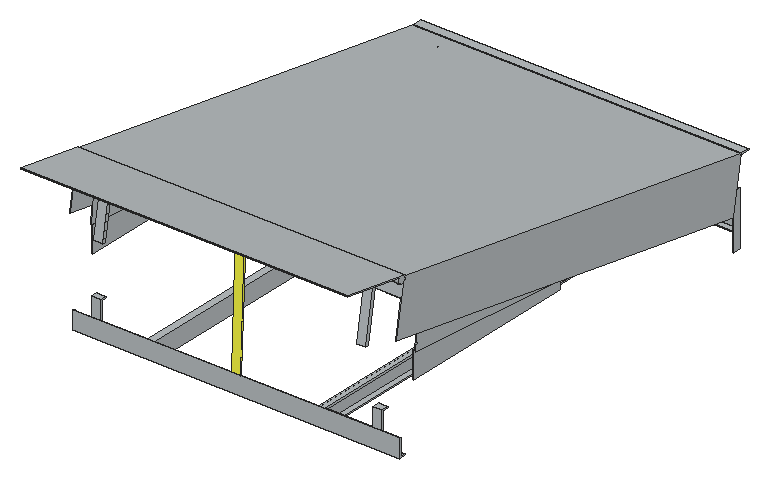
Revit family "DockEquipment_Leveler_Pentalift_MD-MU-MC", category Specialty Equipment, host Face, Revit 2026
Family settings
  Host = Face
  Round Connector Dimension = Use Diameter
  Part Type = Normal
  Enable Cutting in Views = No
  Cut with Voids When Loaded = No
  Maintain Annotation Orientation = No
  Shared = No
  Room Calculation Point = No
Parameters
  XDim [instance] = if(Incline Angle = 0.00°, 0' 0", PF Length - (InclHeight / tan(Incline Angle)))  # 0' - 1.42617"
  Warranty Duration (Years) = 0
  Unit Width = 6' - 0"
  Unit Length = 8' - 0"
  Unit Depth = 1' - 7"
  URL = "http://www.pentalift.com/index.php"
  Test Data = ""
  TapeAngle [instance] = atan(XDim / (Unit Depth - 0' 4" + InclHeight))  # 2.60875°
  Specification = ""
  SpecWizard = ""
  Send Message = "http://www.arcat.com/users.pl?action=UserEmail&company=Pentalift Equipment Corp.&coid=34752&rep=119&fax=519-763-2894&mf="
  Sales Information = "http://www.pentalift.com/about-us.htm"
  Revision = "R1_1_2012"
  Product Properties = ""
  Product Data = "http://www.arcat.com/arcatcos/cos34/arc34752.html"
  TapeLength [instance] = if(TapeAngle = 0.00°, Unit Depth - 0' 6", (XDim / sin(TapeAngle)) - 0' 3")  # 2' - 4.3337"
  PF Length = Unit Length - 0' 2 1/8"  # 7' - 9 7/8"
  Model = "As Specified"
  Max Angle = 10.00°
  Material = Metal - Steel - Pentalift - Painted - Gray
  Manufacturer Website = "http://www.pentalift.com/index.php"
  Manufacturer Phone - Toll Free = ""
  Manufacturer Phone = "519-763-3625"
  Manufacturer Fax = "519-763-2894"
  Manufacturer Address = "21 Nicholas Beaver Rd. Guelph, ON, Canada N1H 6H9 "
  Manufacturer = "Pentalift Equipment Corp."
  Maintenance Schedule (Months) = 0
  Lip Length [instance] = 1' - 4"
  Lip Angle [instance] = 0.00°
  Keynote = "11160"
  Installation-Fabrication = ""
  Installation Phase = ""
  Incline Angle [instance] = 10.00°
  InclHeight [instance] = PF Length * sin(Incline Angle)  # 1' - 4.30122"
  Green Building-LEED = ""
  Expected Lifespan (Years) = 0
  Drawn By = "Sumex Design, Inc. / Robert S. Weygant, CSI, CDT, SCIP"
  Description = "Pentalift Dock Equipment as Specified"
  Default Elevation = 4' - 0"
  Copyright = "©Arcat Inc."
  Construction Details = "http://www.arcat.com/details/pentalif/pentalif.html?coid=34752"
  Capacity (Weight) = 100.00 kip
  Building Codes = ""
  Assembly Code = "E1030300"
Reference planes (in)
  plane 1 "Center (Front/Back)": y = 0
  plane 2: z = 0
  plane 3 "Center (Left/Right)": x = 0
  plane 4: y = 45.875
  plane 5: y = -48
  plane 6: x = -36
  plane 7: x = 36
  plane 8: z = -19
  plane 9: x = -18
  plane 10: x = 18
  plane 11: y = -3
  plane 12: z = -17.5
  plane 13: z = -15
  plane 14: y = 48
Forms (in)
  Extrusion 1, void
    sketch origin (0, 0, 0) x (1, 0, 0) y (0, 1, 0)
      loop
        line (-36, -48) -> (36, -48) -> (36, 48) -> (-36, 48) -> (-36, -48)
    from 0 to -19
  Sweep 2, solid, material "Metal - Steel - Pentalift - Painted - Gray" <- "Material"
    path origin (-15.17702, -180, -19) x (-1, 0, 0) y (0, -1, 0)
      loop
        line (2.82298, -225.875) -> (2.82298, -132)
    profile origin (-18, -1.0625, -19) x (1, 0, 0) y (0, 0, 1)
      loop
        line (0, 0) -> (0, 4) -> (-1.5, 4) -> (-1.5, 3.75) -> (-0.25, 3.75) -> (-0.25, 0.25) -> (-1.5, 0.25) -> (-1.5, 0) -> (0, 0)
  Sweep 3, solid, material "Metal - Steel - Pentalift - Painted - Gray" <- "Material"
    path origin (-15.17702, -180, -19) x (-1, 0, 0) y (0, -1, 0)
      loop
        line (-33.17702, -225.875) -> (-33.17702, -132)
    profile origin (18, -1.0625, -19) x (1, 0, 0) y (0, 0, 1)
      loop
        line (0, 0) -> (1.5, 0) -> (1.5, 0.25) -> (0.25, 0.25) -> (0.25, 3.75) -> (1.5, 3.75) -> (1.5, 4) -> (0, 4) -> (0, 0)
  Sweep 4, solid, material "Metal - Steel - Pentalift - Painted - Gray" <- "Material"
    path origin (-15.17702, -180, -19) x (-1, 0, 0) y (0, -1, 0)
      loop
        line (20.82298, -132) -> (-51.17702, -132)
    profile origin (0, -48, -19) x (0, 1, 0) y (0, 0, 1)
      loop
        line (0, 0) -> (1.5, 0) -> (1.5, 0.25) -> (0.25, 0.25) -> (0.25, 4) -> (0, 4) -> (0, 0)
  Sweep 5, solid, material "Metal - Steel - Pentalift - Painted - Gray" <- "Material"
    path origin (-15.17702, -180, -19) x (-1, 0, 0) y (0, -1, 0)
      loop
        line (20.57298, -225.875) -> (-50.92702, -225.875)
    profile origin (0, 45.875, -19) x (0, 1, 0) y (0, 0, 1)
      loop
        line (0, 4) -> (0, 6) -> (-0.25, 6) -> (-0.25, 4.25) -> (-1.5, 4.25) -> (-1.5, 4) -> (0, 4)
  Sweep 6, solid, material "Metal - Steel - Pentalift - Painted - Gray" <- "Material"
    path origin (-15.17702, -180, -19) x (-1, 0, 0) y (0, -1, 0)
      loop
        line (2.82298, -180) -> (-33.17702, -180)
    profile origin (0, 0, -19) x (0, 1, 0) y (0, 0, 1)
      loop
        line (1.5, 3) -> (-1.5, 3) -> (-1.5, 0) -> (1.5, 0) -> (1.5, 3)
  Sweep 7, solid, material "Metal - Steel - Pentalift - Painted - Gray" <- "Material"
    path origin (-11.83813, 45.875, 48) x (-1, 0, 0) y (0, 0, 1)
      loop
        line (6.16187, -62.75) -> (6.16187, -48.75)
    profile origin (-18, 45.875, -7.75) x (1, 0, 0) y (0, 1, 0)
      loop
        line (-1.25, -0.25) -> (-1.25, -1.5) -> (-1, -1.5) -> (-1, -0.5) -> (1, -0.5) -> (1, -1.5) -> (1.25, -1.5) -> (1.25, -0.25) -> (-1.25, -0.25)
  Sweep 8, solid, material "Metal - Steel - Pentalift - Painted - Gray" <- "Material"
    path origin (24.16187, 45.875, 48) x (-1, 0, 0) y (0, 0, 1)
      loop
        line (6.16187, -62.75) -> (6.16187, -48.75)
    profile origin (18, 45.875, -7.75) x (1, 0, 0) y (0, 1, 0)
      loop
        line (-1.25, -0.25) -> (-1.25, -1.5) -> (-1, -1.5) -> (-1, -0.5) -> (1, -0.5) -> (1, -1.5) -> (1.25, -1.5) -> (1.25, -0.25) -> (-1.25, -0.25)
  Sweep 9, solid, material "Metal - Steel - Pentalift - Painted - Gray" <- "Material"
    path origin (6.16187, 45.875, 48) x (-1, 0, 0) y (0, 0, 1)
      loop
        line (6.16187, -62.75) -> (6.16187, -48.75)
    profile origin (0, 45.875, -7.75) x (1, 0, 0) y (0, 1, 0)
      loop
        line (-1.25, -0.25) -> (-1.25, -1.5) -> (-1, -1.5) -> (-1, -0.5) -> (1, -0.5) -> (1, -1.5) -> (1.25, -1.5) -> (1.25, -0.25) -> (-1.25, -0.25)
  Extrusion 10, solid, material "Metal - Steel - Pentalift - Painted - Gray" <- "Material"
    sketch origin (-15.17702, -180, -19) x (-1, 0, 0) y (0, -1, 0)
      loop
        line (20.57298, -225.875) -> (20.57298, -224.375) -> (20.32298, -224.375) -> (20.32298, -225.875) -> (20.57298, -225.875)
      loop
        line (-50.92702, -225.875) -> (-50.67702, -225.875) -> (-50.67702, -224.375) -> (-50.92702, -224.375) -> (-50.92702, -225.875)
    from 0 to 12
  Extrusion 11, solid, material "Metal - Steel - Pentalift - Painted - Gray" <- "Material"
    sketch origin (0, 0, 0) x (0, 1, 0) y (0, 0, 1)
      loop
        line (-1.5, -19) -> (-1.5, -16.5) -> (-2.12622, -16.5)
        arc (-2.12622, -16.5) -> (-2.60231, -16.56149) -> (-3.04714, -16.74193) r 1.87378
        line (-3.04714, -16.74193) -> (-19.91603, -1.01143) -> (-20.62357, -1.71897) -> (-3.75565, -17.44856)
        arc (-3.75565, -17.44856) -> (-3.93788, -17.89531) -> (-4, -18.37378) r 1.87378
        line (-4, -18.37378) -> (-4, -19) -> (-1.5, -19)
    from -2 to 2
  Extrusion 12, solid, material "Metal - Steel - Pentalift - Painted - Gray" <- "Material"
    sketch origin (0, 0, 0) x (1, 0, 0) y (0, 1, 0)
      loop
        line (-36, 48) -> (-36, 45.875) -> (36, 45.875) -> (36, 48) -> (-36, 48)
    from 0 to -0.25
  Extrusion 13, solid, material "Metal - Steel - Pentalift - Painted - Gray" <- "Material"
    sketch origin (-36, 19.13326, 48) x (0, 1, 0) y (0, 0, 1)
      loop
        line (-66.88326, -66.75) -> (-66.63326, -66.75) -> (-66.63326, -59.25) -> (-65.38326, -59.25) -> (-65.38326, -59) -> (-66.88326, -59) -> (-66.88326, -66.75)
    from 4 to 6
  Extrusion 14, solid, material "Metal - Steel - Pentalift - Painted - Gray" <- "Material"
    sketch origin (36, 19.13326, 48) x (0, 1, 0) y (0, 0, 1)
      loop
        line (-66.88326, -66.75) -> (-66.63326, -66.75) -> (-66.63326, -59.25) -> (-65.38326, -59.25) -> (-65.38326, -59) -> (-66.88326, -59) -> (-66.88326, -66.75)
    from -4 to -6
  Extrusion 15, solid, material "Metal - Steel - Pentalift - Painted - Gray" <- "Material"
    sketch origin (36, -46.57383, 16.30122) x (-1, 0, 0) y (0, -0.173648, -0.984808)
      loop
        line (66, 0.88155) -> (66, 15) -> (64, 15) -> (64, 0.88155) -> (66, 0.88155)
      loop
        line (6, 0.88155) -> (8, 0.88155) -> (8, 15) -> (6, 15) -> (6, 0.88155)
    from 0 to 0.5
  Extrusion 16, solid, material "Metal - Steel - Pentalift - Painted - Yellow"
    sketch origin (0, -48, -15) x (0, 0.045516, 0.998964) y (0, -0.998964, 0.045516)
      loop
        line (0, 0) -> (0, -0.125) -> (28.3337, -0.125) -> (28.3337, 0) -> (0, 0)
    from 1 to -1
Cuts and joins
  joined: Sweep 2, Sweep 3, Sweep 4, Sweep 5, Sweep 6, Sweep 7, Sweep 8, Sweep 9, Extrusion 10
Lines and regions (in)
  reference lines
    curve 1: line (0, 45.875, 0) -> (0, -28.97039, 13.19726)
    curve 2: line (0, -48, -15) -> (0, -46.36144, 20.96269)
Dimensions and locks (in)
  "Unit Depth": level to plane 8
  equal spacing: plane 14, plane 1 "Center (Front/Back)", plane 5
  equal spacing: plane 6, plane 3 "Center (Left/Right)", plane 7
  "Unit Width": plane 6 to plane 7
  equal spacing: plane 6, plane 9, plane 3 "Center (Left/Right)"
  locked: plane 1 "Center (Front/Back)" to plane 11 at 3
  locked: plane 12 to plane 8 at 1.5
  equal spacing: plane 3 "Center (Left/Right)", plane 10, plane 7
  locked: plane 13 to plane 12 at 2.5
  locked: plane 14 to plane 4 at 2.125
  "Unit Length": plane 14 to plane 5
  Extrusion 15 sketch curve to Extrusion 15 sketch curve to plane 6 = 0' - 2" locked, 0' - 6"
  Extrusion 15 sketch curve to Extrusion 15 sketch curve to plane 7 = 0' - 2" locked, 0' - 6" locked
  "TapeLength": Extrusion 16 sketch curve to curve 2
  "Incline Angle": angle level to curve 1
  "TapeAngle": angle plane 5 to curve 2
  aligned and locked: plane 2 to host face
  aligned and locked: level to host face
  aligned and locked: Extrusion 1 to plane 8
Automatic sketch dimensions
  host sketch curve to host sketch curve = 8' - 0"
  host sketch curve to host sketch curve = 9' - 11.43093"
  Sweep 2 sketch curve to plane 5 = 0' - 0"
  Sweep 2 sketch curve to plane 9 = 0' - 0"
  Sweep 2 sketch curve to plane 4 = 0' - 0"
  Sweep 3 sketch curve to plane 5 = 0' - 0"
  Sweep 3 sketch curve to plane 10 = 0' - 0"
  Sweep 3 sketch curve to plane 4 = 0' - 0"
  Sweep 4 sketch curve to plane 5 = 0' - 0"
  Sweep 4 sketch curve to plane 7 = 0' - 0"
  Sweep 4 sketch curve to plane 6 = 0' - 0"
  Sweep 5 sketch curve to plane 4 = 0' - 0"
  Sweep 5 sketch curve to plane 7 = 0' - 0 1/4"
  plane 6 to Sweep 5 sketch curve = 0' - 0 1/4"
  Sweep 6 sketch curve to plane 1 "Center (Front/Back)" = 0' - 0"
  Sweep 6 sketch curve to plane 10 = 0' - 0"
  Sweep 6 sketch curve to plane 9 = 0' - 0"
  Sweep 7 sketch curve to plane 9 = 0' - 0"
  plane 13 to Sweep 7 sketch curve = 0' - 0 1/4"
  Sweep 7 sketch curve to level = 0' - 0 3/4"
  profile plane to Sweep 7 sketch curve = 0' - 1 1/4"
  Sweep 7 sketch curve to Sweep 7 sketch curve = 0' - 0 1/4"  (x2)
  Sweep 7 sketch curve to plane 4 = 0' - 0 1/2"
  Sweep 7 sketch curve to profile plane = 0' - 1"
  Sweep 7 sketch curve to Sweep 7 sketch curve = 0' - 1"  (x2)
  Sweep 7 sketch curve to plane 4 = 0' - 0 1/4"
  Sweep 8 sketch curve to plane 10 = 0' - 0"
  plane 13 to Sweep 8 sketch curve = 0' - 0 1/4"
  Sweep 8 sketch curve to level = 0' - 0 3/4"
  profile plane to Sweep 8 sketch curve = 0' - 1 1/4"
  Sweep 8 sketch curve to Sweep 8 sketch curve = 0' - 0 1/4"  (x2)
  Sweep 8 sketch curve to plane 4 = 0' - 0 1/2"
  Sweep 8 sketch curve to profile plane = 0' - 1"
  Sweep 8 sketch curve to Sweep 8 sketch curve = 0' - 1"  (x2)
  Sweep 8 sketch curve to plane 4 = 0' - 0 1/4"
  Sweep 9 sketch curve to plane 3 "Center (Left/Right)" = 0' - 0"
  plane 13 to Sweep 9 sketch curve = 0' - 0 1/4"
  Sweep 9 sketch curve to level = 0' - 0 3/4"
  profile plane to Sweep 9 sketch curve = 0' - 1 1/4"
  Sweep 9 sketch curve to Sweep 9 sketch curve = 0' - 0 1/4"  (x2)
  Sweep 9 sketch curve to plane 4 = 0' - 0 1/2"
  Sweep 9 sketch curve to profile plane = 0' - 1"
  Sweep 9 sketch curve to Sweep 9 sketch curve = 0' - 1"  (x2)
  Sweep 9 sketch curve to plane 4 = 0' - 0 1/4"
  Extrusion 10 sketch curve to plane 4 = 0' - 0"  (x2)
  Extrusion 10 sketch curve to plane 7 = 0' - 0 1/4"
  Extrusion 10 sketch curve to Extrusion 10 sketch curve = 0' - 0 1/4"
  plane 6 to Extrusion 10 sketch curve = 0' - 0 1/2"
  plane 6 to Extrusion 10 sketch curve = 0' - 0 1/4"
  Extrusion 10 sketch curve to plane 4 = 0' - 1 1/2"  (x2)
  Extrusion 1 sketch curve to plane 5 = 0' - 0"
  Extrusion 1 sketch curve to plane 6 = 0' - 0"
  Extrusion 1 sketch curve to plane 7 = 0' - 0"
  Extrusion 1 sketch curve to plane 14 = 0' - 0"
  Extrusion 12 sketch curve to plane 4 = 0' - 0"
  Extrusion 12 sketch curve to plane 6 = 0' - 0"
  Extrusion 12 sketch curve to plane 7 = 0' - 0"
  Extrusion 12 sketch curve to plane 14 = 0' - 0"
  Sweep 2 sketch curve to plane 8 = 0' - 0"
  Sweep 2 sketch curve to profile plane = 0' - 0"
  profile plane to Sweep 2 sketch curve = 0' - 0 1/4"
  plane 8 to Sweep 2 sketch curve = 0' - 0 1/4"
  Sweep 2 sketch curve to Sweep 2 sketch curve = 0' - 1 1/4"  (x2)
  Sweep 2 sketch curve to Sweep 2 sketch curve = 0' - 3 1/2"
  Sweep 2 sketch curve to Sweep 2 sketch curve = 0' - 0 1/4"
  Sweep 3 sketch curve to profile plane = 0' - 0"
  Sweep 3 sketch curve to plane 8 = 0' - 0"
  Sweep 3 sketch curve to profile plane = 0' - 0 1/4"
  Sweep 3 sketch curve to Sweep 3 sketch curve = 0' - 1 1/4"  (x2)
  Sweep 3 sketch curve to Sweep 3 sketch curve = 0' - 0 1/4"  (x2)
  Sweep 3 sketch curve to Sweep 3 sketch curve = 0' - 3 1/2"
  Sweep 4 sketch curve to profile plane = 0' - 0"
  Sweep 4 sketch curve to plane 8 = 0' - 0"
  Sweep 4 sketch curve to Sweep 4 sketch curve = 0' - 0 1/4"
  Sweep 4 sketch curve to Sweep 4 sketch curve = 0' - 1 1/4"
  plane 8 to Sweep 4 sketch curve = 0' - 0 1/4"
  Sweep 4 sketch curve to Sweep 4 sketch curve = 0' - 3 3/4"
  Sweep 5 sketch curve to profile plane = 0' - 0"
  Sweep 5 sketch curve to Sweep 5 sketch curve = 0' - 0 1/4"  (x2)
  Sweep 5 sketch curve to Sweep 5 sketch curve = 0' - 1 1/4"
  plane 8 to Sweep 5 sketch curve = 0' - 4"
  Sweep 5 sketch curve to Sweep 5 sketch curve = 0' - 1 3/4"
  Sweep 6 sketch curve to plane 8 = 0' - 0"
  profile plane to Sweep 6 sketch curve = 0' - 1 1/2"
  Sweep 6 sketch curve to profile plane = 0' - 1 1/2"
  plane 8 to Sweep 6 sketch curve = 0' - 3"
  Extrusion 11 sketch curve to Extrusion 11 sketch curve = 0' - 0"  (x2)
  Extrusion 11 sketch curve to plane 8 = 0' - 0"
  Extrusion 11 sketch curve to level = 0' - 1.71897"
  plane 11 to Extrusion 11 sketch curve = 1' - 5.62357"
  Extrusion 11 sketch curve to level = 0' - 1.01143"
  Extrusion 11 sketch curve to Extrusion 11 sketch curve = 0' - 0.70754"
  plane 11 to Extrusion 11 sketch curve = 0' - 1"
  plane 12 to Extrusion 11 sketch curve = 0' - 0.05144"
  plane 11 to Extrusion 11 sketch curve = 0' - 0.75565"
  plane 11 to Extrusion 11 sketch curve = 0' - 0.04714"
  plane 8 to Extrusion 11 sketch curve = 0' - 0.62622"
  Extrusion 11 sketch curve to Extrusion 11 sketch curve = 0' - 0.62622"
  plane 12 to Extrusion 11 sketch curve = 0' - 0.75807"
  plane 5 to Extrusion 13 sketch curve = 0' - 0 1/4"
  Extrusion 13 sketch curve to Extrusion 13 sketch curve = 0' - 0 1/4"  (x2)
  Extrusion 13 sketch curve to Extrusion 13 sketch curve = 0' - 1 1/4"
  plane 8 to Extrusion 13 sketch curve = 0' - 0 1/4"
  plane 13 to Extrusion 13 sketch curve = 0' - 3 3/4"
  plane 5 to Extrusion 14 sketch curve = 0' - 0 1/4"
  Extrusion 14 sketch curve to Extrusion 14 sketch curve = 0' - 0 1/4"  (x2)
  Extrusion 14 sketch curve to Extrusion 14 sketch curve = 0' - 1 1/4"
  plane 8 to Extrusion 14 sketch curve = 0' - 0 1/4"
  plane 13 to Extrusion 14 sketch curve = 0' - 3 3/4"
  nested 1 to Extrusion 15 sketch curve = 0' - 3"  (x2)
  Extrusion 15 sketch curve to nested 1 = 0' - 0.88155"  (x2)
  curve 2 to plane 5 = 0' - 0"
  curve 1 to level = 0' - 0"
  curve 1 to plane 4 = 0' - 0"
  curve 2 to plane 13 = 0' - 0"
  Extrusion 16 sketch curve to curve 2 = 0' - 0"  (x2)
  Extrusion 16 sketch curve to curve 2 = 0' - 0 1/8"
Nested families (in)
  nested 1: "Platform_HD" at (0, -0.34941, 8.15061) x (1, 0, 0) z (0, 0.1736, 0.9848), Material <- "Material", Unit Width <- "Unit Width", Unit Length <- "PF Length", Lip Length <- "Lip Length", Lip Angle <- "Lip Angle", Flap Angle <- "Incline Angle", Max Angle <- "Max Angle", type "Platform_HD"
    with offset 0' - 0", ll 1' - 3 1/4", Unit Width 6' - 0", Unit Length 7' - 9 7/8", Roll Off Edge no, Max Angle 10.00°, Material Metal - Steel - Pentalift - Painted - Gray, MA/2 5.00°, Lip Length 1' - 4", Lip Angle 0.00°, FlapLength 3' - 4 15/16", Flap Angle 10.00°, FA/2 5.00°, EdgeExt 0' - 0 3/4"
Definition of nested family "Platform_HD"
  Parameters
    offset [instance] = 0' - 0"
    ll [instance] = Lip Length - 0' 0 3/4"  # 1' - 3 1/4"
    Warranty Duration (Years) = 0
    Unit Width [instance] = 6' - 0"
    Unit Length [instance] = 10' - 0"
    Unit Depth = 1' - 0"
    URL = "http://www.pentalift.com/index.php"
    Specification = ""
    SpecWizard = ""
    Send Message = "http://www.arcat.com/users.pl?action=UserEmail&company=Pentalift Equipment Corp.&coid=34752&rep=119&fax=519-763-2894&mf="
    Sales Information = "http://www.pentalift.com/about-us.htm"
    Roll Off Edge [instance] = no
    Revision = "R1_01-2012"
    Product Properties = ""
    Product Data = "http://www.arcat.com/arcatcos/cos34/arc34752.html"
    Model = "As Specified"
    Max Angle [instance] = 15.00°
    Material [instance] = none
    Manufacturer Website = "http://www.pentalift.com/index.php"
    Manufacturer Phone - Toll Free = ""
    Manufacturer Phone = "519-763-3625 "
    Manufacturer Fax = "519-763-2894"
    Manufacturer Address = "21 Nicholas Beaver Rd. Guelph, ON, Canada N1H 6H9 "
    Manufacturer = "Pentalift Equipment Corp."
    Maintenance Schedule (Months) = 0
    MA/2 [instance] = Max Angle / 2  # 7.50°
    Lip Length [instance] = 1' - 4"
    Lip Angle [instance] = 15.00°
    Keynote = "11160"
    Installation-Fabrication = ""
    Installation Phase = ""
    Green Building-LEED = ""
    FlapLength [instance] = (Unit Length / 2) - 0' 6"  # 4' - 6"
    Flap Angle [instance] = 10.00°
    FA/2 [instance] = Flap Angle / 2  # 5.00°
    Expected Lifespan (Years) = 0
    EdgeExt [instance] = if(Roll Off Edge, 0' 8 1/2", 0' 0 3/4")  # 0' - 0 3/4"
    Drawn By = "Sumex Design, Inc. / Robert S. Weygant, CSI, CDT, SCIP"
    Description = "Pentalift Dock Equipment as Specified"
    Default Elevation = 4' - 0"
    Copyright = "©Arcat Inc."
    Construction Details = "http://www.arcat.com/details/pentalif/pentalif.html?coid=34752"
    Assembly Code = "E1030300"
  Reference planes (in)
    plane 1 "Center (Front/Back)": y = 0
    plane 2 "Bottom": z = 0
    plane 3 "Center (Left/Right)": x = 0
    plane 4 "Front": y = -60
    plane 5 "Back": y = 60
    plane 6 "Left": x = -36
    plane 7 "Right": x = 36
    plane 8 "Top": z = -12
    plane 9: y = -60.75
    plane 10: z = -0.5
    plane 11: x = -28
    plane 12: x = -20
    plane 13: x = -12
    plane 14: x = -4
    plane 15: x = 4
    plane 16: x = 12
    plane 17: x = 20
    plane 18: x = 28
  Forms (in)
    Extrusion 1, solid, material <- "Material"
      sketch origin (0, 0, 0) x (1, 0, 0) y (0, 1, 0)
        loop
          line (-36, 60) -> (-36, -60) -> (36, -60) -> (36, 60) -> (-36, 60)
      from 0 to -0.25
    Extrusion 2, solid, material <- "Material"
      sketch origin (-11.94222, -60, 48) x (-1, 0, 0) y (0, 0, 1)
        loop
          line (24.05778, -48) -> (-47.94222, -48) -> (-47.94222, -52) -> (24.05778, -52) -> (24.05778, -48)
      from 0 to 0.25
    Extrusion 3, solid, material <- "Material"
      sketch origin (-11.94222, 60, 48) x (-1, 0, 0) y (0, 0, 1)
        loop
          line (24.05778, -48) -> (-47.94222, -48) -> (-47.94222, -52) -> (24.05778, -52) -> (24.05778, -48)
      from 0 to -0.25
    Extrusion 4, solid, material <- "Material"
      sketch origin (-36, 16.34522, 48) x (0, 1, 0) y (0, 0, 1)
        loop
          line (43.65478, -48) -> (-76.34522, -48) -> (-76.34522, -60) -> (43.65478, -60) -> (43.65478, -48)
      from 0 to 0.25
    Extrusion 5, solid, material <- "Material"
      sketch origin (36, 16.34522, 48) x (0, 1, 0) y (0, 0, 1)
        loop
          line (43.65478, -48) -> (-76.34522, -48) -> (-76.34522, -60) -> (43.65478, -60) -> (43.65478, -48)
      from 0 to -0.25
    Extrusion 6, solid, material <- "Material"
      sketch origin (0, -60.75, -0.5) x (0, -0.965926, -0.258819) y (0, 0.258819, -0.965926)
        loop
          line (-0.75, -0.75) -> (15.25, -0.75) -> (15.25, -0.5) -> (0.55902, -0.5)
          arc (0.55902, -0.5) -> (0, 0.75) -> (-0.55902, -0.5) r 0.75
          line (-0.55902, -0.5) -> (-0.75, -0.5) -> (-0.75, -0.75)
      from -36 to 36
    Extrusion 7, solid, material <- "Material"
      sketch origin (-11.94222, -60, 48) x (-1, 0, 0) y (0, 0, 1)
        loop
          line (16.80778, -48.25) -> (15.30778, -48.25) -> (15.30778, -51.75) -> (16.80778, -51.75) -> (16.80778, -48.25)
        loop
          line (8.80778, -48.25) -> (7.30778, -48.25) -> (7.30778, -51.75) -> (8.80778, -51.75) -> (8.80778, -48.25)
        loop
          line (0.80778, -48.25) -> (-0.69222, -48.25) -> (-0.69222, -51.75) -> (0.80778, -51.75) -> (0.80778, -48.25)
        loop
          line (-7.19222, -48.25) -> (-8.69222, -48.25) -> (-8.69222, -51.75) -> (-7.19222, -51.75) -> (-7.19222, -48.25)
        loop
          line (-15.19222, -48.25) -> (-16.69222, -48.25) -> (-16.69222, -51.75) -> (-15.19222, -51.75) -> (-15.19222, -48.25)
        loop
          line (-23.19222, -48.25) -> (-24.69222, -48.25) -> (-24.69222, -51.75) -> (-23.19222, -51.75) -> (-23.19222, -48.25)
        loop
          line (-31.19222, -48.25) -> (-32.69222, -48.25) -> (-32.69222, -51.75) -> (-31.19222, -51.75) -> (-31.19222, -48.25)
        loop
          line (-39.19222, -48.25) -> (-40.69222, -48.25) -> (-40.69222, -51.75) -> (-39.19222, -51.75) -> (-39.19222, -48.25)
        loop
          line (-11.81722, -48.25) -> (-12.06722, -48.25) -> (-12.06722, -50.5) -> (-11.81722, -50.5) -> (-11.81722, -48.25)
      from 0 to 120
    Extrusion 8, solid, material <- "Material"
      sketch origin (0, 0, -12) x (0, -0.984808, -0.173648) y (0, 0.173648, -0.984808)
        loop
          line (0.72794, 2) -> (0.72794, -0.22427) -> (54, -7.23767) -> (54, 2) -> (0.72794, 2)
      from -35.25 to -35.5
    Extrusion 9, solid, material <- "Material"
      sketch origin (0, 0, -12) x (0, -0.984808, -0.173648) y (0, 0.173648, -0.984808)
        loop
          line (0.72794, 2) -> (0.72794, -0.22427) -> (54, -7.23767) -> (54, 2) -> (0.72794, 2)
      from 35.5 to 35.25
    Extrusion 10, solid, material <- "Material"
      sketch origin (0, 0, -12) x (0, -0.996195, -0.087156) y (0, 0.087156, -0.996195)
        loop
          line (0.72794, 0) -> (0.72794, -2.3933) -> (54, -7.05401) -> (54, 0) -> (0.72794, 0)
      from -35.75 to -35.5
    Extrusion 11, solid, material <- "Material"
      sketch origin (0, 0, -12) x (0, -0.996195, -0.087156) y (0, 0.087156, -0.996195)
        loop
          line (54, 0) -> (0.72794, 0) -> (0.72794, -2.3933) -> (54, -7.05401) -> (54, 0)
      from 35.5 to 35.75
  Cuts and joins
    joined: Extrusion 1, Extrusion 2, Extrusion 3, Extrusion 4, Extrusion 5, Extrusion 7
  Lines and regions (in)
    reference lines
      curve 1: line (0, -60.75, -0.5) -> (0, -85.86407, -7.2293)
      curve 2: line (0, 0, -12) -> (0, -57.85746, -22.20183)
      curve 3: line (0, -60.75, -0.5) -> (0, -61.33234, 1.67333)
      curve 4: line (0, 0, -12) -> (0, -61.76407, -17.40366)
  Dimensions and locks (in)
    equal spacing: plane 6 "Left", plane 3 "Center (Left/Right)", plane 7 "Right"
    "Unit Width": plane 6 "Left" to plane 7 "Right"
    equal spacing: plane 5 "Back", plane 1 "Center (Front/Back)", plane 4 "Front"
    "Unit Length": plane 5 "Back" to plane 4 "Front"
    "Unit Depth": level to plane 8 "Top"
    locked: plane 4 "Front" to plane 9 at 0.75
    locked: level to plane 10 at 0.5
    equal spacing: plane 6 "Left", plane 11, plane 12, plane 13, plane 14, plane 15, plane 16, plane 17, plane 18, plane 7 "Right"
    "FlapLength": Extrusion 8 sketch curve to curve 2
    locked: plane 6 "Left" to Extrusion 8 at 0.75
    locked: plane 6 "Left" to Extrusion 8 at 0.5
    "FlapLength": Extrusion 9 sketch curve to curve 2
    locked: Extrusion 9 to plane 7 "Right" at 0.75
    locked: Extrusion 9 to plane 7 "Right" at 0.5
    locked: level to curve 1 at 0.5
    "ll": Extrusion 6 sketch curve to curve 3
    "EdgeExt": curve 3 to Extrusion 6 sketch curve
    "FlapLength": Extrusion 10 sketch curve to curve 4
    plane 6 "Left" to Extrusion 10 to Extrusion 10 = 0' - 0 1/4" locked, 0' - 0 1/4" locked
    "FlapLength": Extrusion 11 sketch curve to curve 4
    Extrusion 11 to Extrusion 11 to plane 7 "Right" = 0' - 0 1/4" locked, 0' - 0 1/4" locked
    locked: curve 2 to Extrusion 8 sketch curve at 0.22427
    locked: curve 2 to Extrusion 9 sketch curve at 0.22427
    "Lip Angle": angle curve 1 to plane 10
    "Flap Angle": angle curve 2 to plane 8 "Top"
    "MA/2": angle curve 2 to Extrusion 8 sketch curve
    "MA/2": angle curve 2 to Extrusion 9 sketch curve
    "FA/2": angle curve 4 to plane 8 "Top"
    "FA/2": angle curve 4 to Extrusion 10 sketch curve
    "FA/2": angle curve 4 to Extrusion 11 sketch curve
    aligned and locked: Extrusion 6 to plane 6 "Left"
    aligned and locked: Extrusion 6 to plane 7 "Right"
    aligned and locked: plane 5 "Back" to Extrusion 7
  Automatic sketch dimensions
    Extrusion 1 sketch curve to plane 4 "Front" = 0' - 0"
    Extrusion 1 sketch curve to plane 6 "Left" = 0' - 0"
    Extrusion 1 sketch curve to plane 7 "Right" = 0' - 0"
    Extrusion 1 sketch curve to plane 5 "Back" = 0' - 0"
    Extrusion 2 sketch curve to level = 0' - 0"
    Extrusion 2 sketch curve to plane 7 "Right" = 0' - 0"
    Extrusion 2 sketch curve to plane 6 "Left" = 0' - 0"
    Extrusion 2 sketch curve to level = 0' - 4"
    Extrusion 3 sketch curve to level = 0' - 0"
    Extrusion 3 sketch curve to plane 7 "Right" = 0' - 0"
    Extrusion 3 sketch curve to plane 6 "Left" = 0' - 0"
    Extrusion 3 sketch curve to level = 0' - 4"
    Extrusion 4 sketch curve to level = 0' - 0"
    Extrusion 4 sketch curve to plane 4 "Front" = 0' - 0"
    Extrusion 4 sketch curve to plane 5 "Back" = 0' - 0"
    Extrusion 4 sketch curve to plane 8 "Top" = 0' - 0"
    Extrusion 5 sketch curve to level = 0' - 0"
    Extrusion 5 sketch curve to plane 4 "Front" = 0' - 0"
    Extrusion 5 sketch curve to plane 5 "Back" = 0' - 0"
    Extrusion 5 sketch curve to plane 8 "Top" = 0' - 0"
    Extrusion 7 sketch curve to level = 0' - 0 1/4"  (x9)
    plane 18 to Extrusion 7 sketch curve = 0' - 0 3/4"
    Extrusion 7 sketch curve to plane 18 = 0' - 0 3/4"
    plane 17 to Extrusion 7 sketch curve = 0' - 0 3/4"
    Extrusion 7 sketch curve to plane 17 = 0' - 0 3/4"
    plane 16 to Extrusion 7 sketch curve = 0' - 0 3/4"
    Extrusion 7 sketch curve to plane 16 = 0' - 0 3/4"
    plane 15 to Extrusion 7 sketch curve = 0' - 0 3/4"
    Extrusion 7 sketch curve to plane 15 = 0' - 0 3/4"
    plane 3 "Center (Left/Right)" to Extrusion 7 sketch curve = 0' - 0 1/8"
    Extrusion 7 sketch curve to plane 3 "Center (Left/Right)" = 0' - 0 1/8"
    plane 14 to Extrusion 7 sketch curve = 0' - 0 3/4"
    Extrusion 7 sketch curve to plane 14 = 0' - 0 3/4"
    plane 13 to Extrusion 7 sketch curve = 0' - 0 3/4"
    Extrusion 7 sketch curve to plane 13 = 0' - 0 3/4"
    plane 12 to Extrusion 7 sketch curve = 0' - 0 3/4"
    Extrusion 7 sketch curve to plane 12 = 0' - 0 3/4"
    plane 11 to Extrusion 7 sketch curve = 0' - 0 3/4"
    Extrusion 7 sketch curve to plane 11 = 0' - 0 3/4"
    Extrusion 7 sketch curve to plane 10 = 0' - 2"
    Extrusion 7 sketch curve to plane 10 = 0' - 3 1/4"  (x8)
    curve 3 to curve 1 = 0' - 0"  (x2)
    curve 3 to curve 1 = 0' - 2 1/4"
    Extrusion 6 sketch curve to curve 1 = 0' - 0"  (x2)
    curve 1 to Extrusion 6 sketch curve = 0' - 0 1/2"
    curve 1 to Extrusion 6 sketch curve = 0' - 0 3/4"
    Extrusion 6 sketch curve to Extrusion 6 sketch curve = 0' - 0 1/4"
    Extrusion 6 sketch curve to Extrusion 6 sketch curve = 0' - 0"
    curve 1 to plane 9 = 0' - 0"
    curve 4 to plane 1 "Center (Front/Back)" = 0' - 0"
    curve 2 to plane 8 "Top" = 0' - 0"
    Extrusion 10 sketch curve to curve 4 = 0' - 0"
    curve 4 to Extrusion 10 sketch curve = 0' - 0.72794"
    Extrusion 10 sketch curve to curve 4 = 0' - 2.3933"
    curve 2 to Extrusion 8 sketch curve = 0' - 0.72794"
    curve 2 to Extrusion 8 sketch curve = 0' - 2"
    curve 2 to Extrusion 9 sketch curve = 0' - 0.72794"
    curve 2 to Extrusion 9 sketch curve = 0' - 2"
    Extrusion 11 sketch curve to curve 4 = 0' - 0"
    curve 4 to Extrusion 11 sketch curve = 0' - 0.72794"
    Extrusion 11 sketch curve to curve 4 = 0' - 2.3933"
    radius of Extrusion 6 sketch curve = 0' - 0 3/4"
